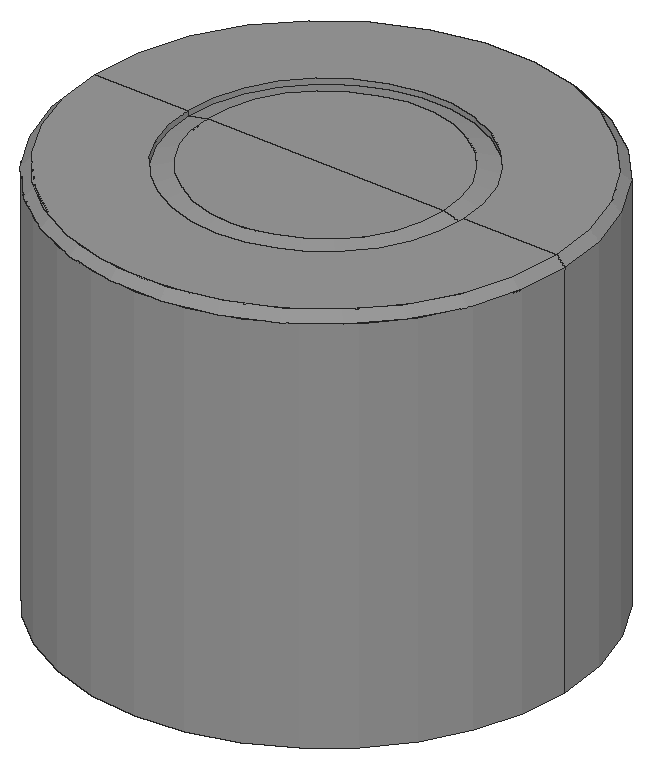
Revit family "4069271 Sylvania Lighting Fixture PATHE GROUND ROUND2 MEDIUM 98LM LED 4K", category Lighting Fixtures, host Face, Revit 2016
Family settings
  Host = Face
  Part Type = Normal
  Round Connector Dimension = Use Diameter
  OmniClass Number = 23.80.70.00
  OmniClass Title = Lighting
  Cut with Voids When Loaded = No
  Light Source = Yes
  Shared = No
  Room Calculation Point = No
Parameters (values of type "4069271 PATHE/G/R2 MED 98LM LED 4K")
  Weight = "0.6 kg"
  Wattage Comments = ""
  Wattage = 1.5 W
  WarrantyStartDate [instance] = "n/a"
  WarrantyGuarantorParts = "n/a"
  WarrantyDurationUnit = "n/a"
  WarrantyDurationParts = "n/a"
  WarrantyDescription = "n/a"
  built-in parameter 1150110 = 1 (stored number, unit not read)
  Voltage = 0 V
  URL = "http://www.sylvania-lighting.com"
  TypeName = "PATHE/GROUND/ROUND2 MEDIUM 98LM LED 4K"
  Type Image = <None>
  Type Comments = "n/a"
  built-in parameter 1114217 = 1 (stored number, unit not read)
  Tilt Angle = -90.00°
  built-in parameter 1150109 = 1 (stored number, unit not read)
  built-in parameter 1150134 = 12
  built-in parameter 1150113 = 1 (stored number, unit not read)
  SerialNumber [instance] = "n/a"
  Radius_SYL = 47.5 mm
  RadiusDiffuser_SYL = 27.5 mm
  Photometric Web File = "4069271.ies"
  Material_3_SYL = none
  PowerFactor = 0
  PowerConsumption = "1.5 W"
  NominalLength = 95 mm
  NominalHeight = 75 mm
  NominalDepth = 0 mm
  Name = "PATHE/GROUND/ROUND2 MEDIUM 98LM LED 4K"
  ModelReference = Name  # "PATHE/GROUND/ROUND2 MEDIUM 98LM LED 4K"
  ModelNumber = "4069271"
  Model = Name  # "PATHE/GROUND/ROUND2 MEDIUM 98LM LED 4K"
  Material = "corrosion resistant die-cast aluminium housing, anti uv polycarbonate diffuser"
  ManufacturerName = "Feilo Sylvania"
  Manufacturer = "Feilo Sylvania"
  LuminousEfficacy = "65.33 lm/W"
  built-in parameter 1150105 = 7.7986 (stored number, unit not read)
  Lumens = 98 lm
  LuminaireType = ""
  built-in parameter 1150115 = 1 (stored number, unit not read)
  LightOutputRatio = "100"
  built-in parameter 1150137 = (empty or 0)
  built-in parameter 1150139 = (empty or 0)
  LampsType = Lamp  # "LED"
  LampNominalLuminous = "98 lm"
  LampMacAdamStep = "n/a"
  LampColourTemperature = "4000 K"
  LampColourRenderingIndex = "80"
  built-in parameter 1150112 = 1 (stored number, unit not read)
  built-in parameter 1150114 = 1 (stored number, unit not read)
  Lamp = "LED"
  Keynote = "16500"
  InstallationDate [instance] = "n/a"
  InputVoltage = "n/a"
  InputNominalFrequency = "n/a"
  built-in parameter 1150132 = (empty or 0)
  built-in parameter 1150102 = (empty or 0)
  built-in parameter 1150107 = 4000 (stored number, unit not read)
  built-in parameter 1150138 = (empty or 0)
  IngressProtection = "IP67"
  ImpactProtectionIndex = "IK08"
  built-in parameter 1150106 = 0.077986 (stored number, unit not read)
  IfcExportType = "IfcLightFixtureType"
  IfcExportAs = "IfcLightFixtureType"
  HieghtTop_SYL = 2.2 mm
  ExpectedLife = 50000
  Emit from Circle Diameter = RadiusDiffuser_SYL * 2  # 55 mm
  Emit Shape Visible in Rendering = no
  ElectricShockClassification = "Class I"
  built-in parameter 1150104 = 6.0697 (stored number, unit not read)
  DurationUnit = "hours"
  DocumentationLiterature = "http://www.sylvania-lighting.com/product/en-int/products/4069271"
  DimmingControlOptions = "n/a"
  Material_2_SYL = Polycarbonate, Clear
  Dimming Lamp Color Temperature Shift = <None>
  Description = "Round recessed ground luminaireCorrosion resistant die-cast aluminium, 98lm, 1.5W, 65lm/W, 4000K, CRI80+, 30°, non dimmable, IP67, IK08, (ØxD) Ø95x75mm, 3 step MacAdam ellipse, Class I, 220-240V, A++ A+ A"
  Default Elevation = 1219.2 mm
  CreatedOn = "9/21/2018"
  CreatedBy = "@sylvania-lighting.com"
  Cost = 0
  Color Filter = 16777215
  built-in parameter 1114216 [instance] = (empty or 0)
  ClassificationValue = "EF_70_80"
  ClassificationName = "Uniclass2015"
  Material_1_SYL = Aluminum 6061 T6 80 Hot Formed
  ChamferTop_SYL = 1.7 mm
  ChamferDiffuserTop_SYL = 4 mm
  ChamferDiffuserSide_SYL = 1 mm
  BarCode [instance] = "n/a"
  built-in parameter 1114218 = 1 (stored number, unit not read)
  built-in parameter 1150133 = 10 (stored number, unit not read)
  AssetType = "Fixed"
  AssetIdentifier [instance] = "n/a"
  Assembly Code = "D5020200"
  Apparent Load = 1.5 VA
  Material_4_SYL = none
Reference planes
  plane 1 "Center (Front/Back)": y = 0
  plane 2: z = 0
  plane 3 "Center (Left/Right)": x = 0
  plane 4: x = -40
  plane 5: x = -47.5
  plane 6: z = -75
  plane 7: x = -27.5
  plane 8: z = 2.2
  plane 9: x = -45.8
  plane 10: z = -36
  plane 11: z = -29.5
  plane 12: x = -23.5
  plane 13: z = 1.2
  plane 14: z = -6
  plane 15: z = 0.5
Forms (mm)
  Revolve 1, solid, material "Aluminum 6061 T6 80 Hot Formed" <- "Material_1_SYL"
    sketch origin (0, 0, 0) x (1, 0, 0) y (0, 0, 1)
      loop
        line (-47.5, -75) -> (0, -75) -> (0, -6) -> (-45.8, -6) -> (-45.8, 0) -> (-27.5, 0) -> (-27.5, 2.2) -> (-45.8, 2.2) -> (-47.5, 0.5) -> (-47.5, -75)
      axis (0, 2.2) -> (0, -75)
    angle from 360 to 0
  Revolve 2, solid, material "Polycarbonate, Clear" <- "Material_2_SYL"
    sketch origin (0, 0, 0) x (1, 0, 0) y (0, 0, 1)
      loop
        line (-27.5, 1.2) -> (-27.5, 0) -> (0, 0) -> (0, 2.2) -> (-23.5, 2.2) -> (-27.5, 1.2)
      axis (0, 2.2) -> (0, 0)
    angle from 360 to 0
  Revolve 3, void
    sketch origin (0, 0, 0) x (1, 0, 0) y (0, 0, 1)
      loop
        line (0, -75) -> (0, 0) -> (-47.5, 0) -> (-47.5, -75) -> (0, -75)
      axis (0, 0) -> (0, -75)
    angle from 360 to 0
Cuts and joins
  Revolve 3 cuts Revolve 2
Dimensions and locks
  locked: plane 2 to plane 6 at 75
  locked: plane 3 "Center (Left/Right)" to plane 4 at 40
  "Radius_SYL": plane 3 "Center (Left/Right)" to plane 5
  "RadiusDiffuser_SYL": plane 3 "Center (Left/Right)" to plane 7
  "ChamferTop_SYL": plane 9 to plane 5
  "ChamferDiffuserSide_SYL": plane 8 to plane 13
  "ChamferDiffuserTop_SYL": plane 12 to plane 7
  locked: plane 2 to plane 14 at 6
  "ChamferTop_SYL": plane 8 to plane 15
  "HieghtTop_SYL": plane 8 to plane 2
  aligned and locked: plane 2 to host face
  aligned and locked: level to host face
  aligned and locked: Revolve 1 sketch curve to plane 3 "Center (Left/Right)"  (x2)
  aligned and locked: plane 5 to Revolve 1 sketch curve
  aligned and locked: plane 8 to Revolve 1 sketch curve
  aligned and locked: level to Revolve 1 sketch curve
  aligned and locked: plane 9 to Revolve 1 sketch curve  (x2)
  aligned and locked: plane 7 to Revolve 1 sketch curve
  aligned and locked: plane 8 to Revolve 2 sketch curve
  aligned and locked: Revolve 2 sketch curve to plane 3 "Center (Left/Right)"  (x2)
  aligned and locked: Revolve 1 to Revolve 2 sketch curve
  aligned and locked: plane 14 to Revolve 1 sketch curve
  aligned and locked: plane 12 to Revolve 2 sketch curve
  aligned and locked: plane 7 to Revolve 2 sketch curve
  aligned and locked: plane 13 to Revolve 2 sketch curve
  aligned and locked: imposter light to plane 8
  aligned and locked: imposter light to plane 1 "Center (Front/Back)"
  aligned and locked: plane 3 "Center (Left/Right)" to imposter light
  aligned and locked: plane 15 to Revolve 1 sketch curve
  aligned and locked: plane 6 to Revolve 1 sketch curve
  aligned and locked: Revolve 3 sketch curve to plane 3 "Center (Left/Right)"  (x2)
  aligned and locked: Revolve 3 sketch curve to Revolve 1
  aligned and locked: Revolve 3 sketch curve to level
  aligned and locked: plane 5 to Revolve 3 sketch curve
Automatic sketch dimensions
  host sketch curve to host sketch curve = 2438.4 mm  (x2)
  plane 6 to Revolve 2 sketch curve = 534.6 mm
  Revolve 2 sketch curve to Revolve 2 sketch curve = 2607.058 mm
  plane 6 to Revolve 1 sketch curve = 534.6 mm
  Revolve 1 sketch curve to plane 8 = 2607.058 mm
  plane 6 to Revolve 3 sketch curve = 534.6 mm
  Revolve 3 sketch curve to plane 8 = 2607.058 mm
Connectors
  electrical at (0, 0, 0), driven by "Apparent Load", driven by "PowerFactor", driven by "Voltage"
    settings: index 1, voltage 0 V, apparent load 1.5 VA, apparent load phase1 0 VA, apparent load phase2 0 VA, apparent load phase3 0 VA, power factor 0, load classification "Lighting", number of poles 1, system type 30, power factor state 1, is connector primary yes, connector utility no, sub classification motor no, connector description ""
